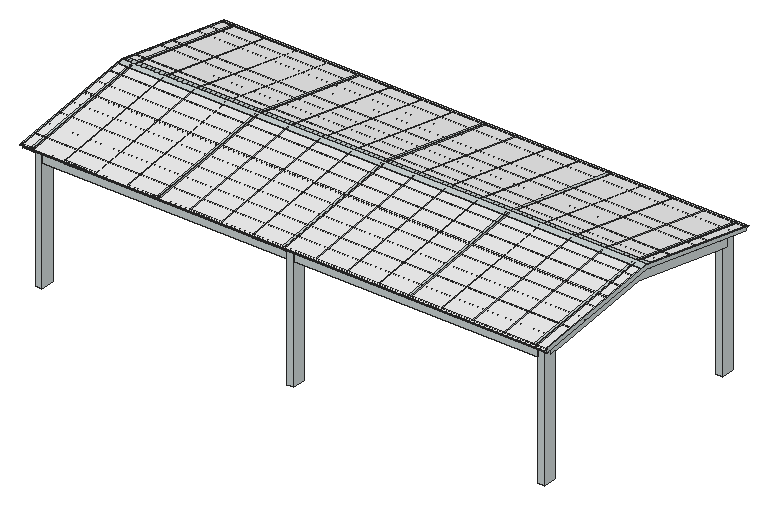
Revit family "Structures Unlimited Center Ridge Canopy", category Generic Models, Revit 2018 (continued)
Definition of nested family "Center Ridge Canopy Edge Cap"
  Dimensions and locks (in)
    locked: curve 1 to plane 4
    locked: plane 5 to curve 2 at 0
    locked: curve 2 to plane 8 at 0
    "Panel Offset": curve 4 to curve 5
    "Panel Offset": curve 6 to curve 3
    "Panel Depth": curve 8 to curve 2
    "Panel Depth": curve 1 to curve 7
    "Thickness": curve 9 to curve 1
    "Thickness": curve 7 to curve 10
    "Thickness": curve 2 to curve 12
    "Thickness": curve 11 to curve 8
    "Thickness": plane 6 to plane 13
    "Thickness": plane 10 to plane 7
    "Leg Length": plane 12 to plane 6
    "Leg Length": plane 11 to plane 7
    "Roof Pitch": angle plane 8 to curve 1
    "Roof Pitch": angle curve 2 to plane 8
    "Roof Pitch": angle plane 4 to curve 4
    "Roof Pitch": angle curve 3 to plane 5
    "Roof Pitch": angle plane 4 to curve 5
    "Roof Pitch": angle curve 6 to plane 5
    "Roof Pitch": angle plane 8 to curve 7
    "Roof Pitch": angle curve 8 to plane 8
    "Roof Pitch": angle plane 2 to curve 9
    "Roof Pitch": angle plane 2 to curve 10
    "Roof Pitch": angle curve 12 to plane 2
    "Roof Pitch": angle curve 11 to plane 2
    aligned and locked: level to plane 2
    aligned and locked: Extrusion 1 sketch curve to curve 5
    aligned and locked: curve 6 to Extrusion 1 sketch curve
    aligned and locked: Extrusion 1 sketch curve to curve 12
    aligned and locked: curve 9 to Extrusion 1 sketch curve
    aligned and locked: Extrusion 1 sketch curve to curve 10
    aligned and locked: Extrusion 1 sketch curve to curve 11
    aligned and locked: plane 10 to Extrusion 1
    aligned and locked: Extrusion 1 to plane 13
    aligned and locked: Extrusion 2 sketch curve to curve 5
    aligned and locked: curve 6 to Extrusion 2 sketch curve
    aligned and locked: Extrusion 2 sketch curve to curve 12
    aligned and locked: Extrusion 2 sketch curve to curve 11
    aligned and locked: curve 9 to Extrusion 2 sketch curve
    aligned and locked: Extrusion 2 sketch curve to curve 10
    aligned and locked: Extrusion 2 to plane 11
    aligned and locked: plane 12 to Extrusion 2
  Automatic sketch dimensions
    curve 5 to curve 4 = 0' - 0.03732"
    curve 8 to curve 4 = 4' - 10.24237"
    level to curve 10 = 0' - 9.1542"
    curve 7 to plane 8 = 3' - 2.52485"
    curve 9 to plane 8 = 3' - 5.33219"
    curve 6 to plane 5 = 0' - 8.67986"
    curve 12 to level = 2' - 1.56948"
    curve 2 to curve 11 = 1' - 5.20945"
Definition of nested family "Center Ridge Canopy Column"
  Parameters (values of type "Center Ridge Canopy Column")
    Width Of Canopy [instance] = 10' - 0"
    Void Width [instance] = Column Spacing - Beam Width  # 7' - 7"
    Void Offset [instance] = Column Spacing / 2  # 4' - 0"
    Roof Pitch [instance] = 10.00°
    Half Beam Width [instance] = Beam Width / 2  # 0' - 2 1/2"
    Half Beam Height [instance] = Beam Height / 2  # 0' - 7 1/2"
    Column Spacing [instance] = 8' - 0"
    Column Height [instance] = 8' - 0"
    CTR To CTR Of Beams [instance] = 200' - 0"
    CRF [instance] = none
    Beam Width [instance] = 0' - 5"
    Beam Height [instance] = 1' - 3"
  Reference planes (in)
    plane 1 "Center (Front/Back)": y = 0
    plane 2: z = 0
    plane 3 "Center (Left/Right)": x = 0
    plane 4: y = 2400
    plane 5: y = -2.5
    plane 6: y = 2402.5
    plane 7: x = 112.5
    plane 8: x = -7.5
    plane 9: x = 7.5
    plane 10: x = 97.5
    plane 11: z = 96
    plane 12: x = -2.5
    plane 13: x = 107.5
    plane 14: z = 85.26345
    plane 15: y = 144
    plane 16: y = 336
    plane 17: y = 528
    plane 18: y = 240
    plane 19: y = 48
    plane 20: y = 432
    plane 21: y = 624
    plane 22: y = 720
    plane 23: y = 816
    plane 24: y = 912
    plane 25: y = 1008
    plane 26: y = 1104
    plane 27: y = 1200
    plane 28: y = 1296
    plane 29: y = 1392
    plane 30: y = 1488
    plane 31: y = 1680
    plane 32: y = 1872
    plane 33: y = 1968
    plane 34: y = 1776
    plane 35: y = 1584
    plane 36: y = 2064
    plane 37: y = 2160
    plane 38: y = 2256
    plane 39: y = 2352
    plane 40: y = 2448
    plane 41: y = 2640
    plane 42: y = 2832
    plane 43: y = 3024
    plane 44: y = 2928
    plane 45: y = 2736
    plane 46: y = 2544
    plane 47: y = 3120
    plane 48: y = 3216
    plane 49: y = 3312
    plane 50: y = 3408
    plane 51: y = 3504
    plane 52: x = -750
    plane 53: x = 2000
    plane 54: z = 1200
  Forms (in)
    Extrusion 1, solid, material <- "CRF"
      sketch origin (0, 0, 0) x (1, 0, 0) y (0, 0, 1)
        loop
          line (-7.5, 0) -> (7.5, 0) -> (7.5, 83.41351) -> (-2.5, 81.65024) -> (-2.5, 96.88163) -> (-7.5, 96) -> (-7.5, 0)
      from 2.5 to -2402.5
    Extrusion 2, solid, material <- "CRF"
      sketch origin (0, 0, 0) x (1, 0, 0) y (0, 0, 1)
        loop
          line (97.5, 0) -> (112.5, 0) -> (112.5, 96) -> (107.5, 96.88163) -> (107.5, 81.65024) -> (97.5, 83.41351) -> (97.5, 0)
      from -2402.5 to 2.5
    Sweep 3, void
      path origin (0, 0, 0) x (1, 0, 0) y (0, 1, 0)
        loop
          line (-750, 3504) -> (2000, 3504) -> (2000, 3408) -> (-750, 3408) -> (-750, 3312) -> (2000, 3312) -> (2000, 3216) -> (-750, 3216) -> (-750, 3120) -> (2000, 3120) -> (2000, 3024) -> (-750, 3024) -> (-750, 2928) -> (2000, 2928) -> (2000, 2832) -> (-750, 2832) -> (-750, 2736) -> (2000, 2736) -> (2000, 2640) -> (-750, 2640) -> (-750, 2544) -> (2000, 2544) -> (2000, 2448) -> (-750, 2448) -> (-750, 2352) -> (2000, 2352) -> (2000, 2256) -> (-750, 2256) -> (-750, 2160) -> (2000, 2160) -> (2000, 2064) -> (-750, 2064) -> (-750, 1968) -> (2000, 1968) -> (2000, 1872) -> (-750, 1872) -> (-750, 1776) -> (2000, 1776) -> (2000, 1680) -> (-750, 1680) -> (-750, 1584) -> (2000, 1584) -> (2000, 1488) -> (-750, 1488) -> (-750, 1392) -> (2000, 1392) -> (2000, 1296) -> (-750, 1296) -> (-750, 1200) -> (2000, 1200) -> (2000, 1104) -> (-750, 1104) -> (-750, 1008) -> (2000, 1008) -> (2000, 912) -> (-750, 912) -> (-750, 816) -> (2000, 816) -> (2000, 720) -> (-750, 720) -> (-750, 624) -> (2000, 624) -> (2000, 528) -> (-750, 528) -> (-750, 432) -> (2000, 432) -> (2000, 336) -> (-750, 336) -> (-750, 240) -> (2000, 240) -> (2000, 144) -> (-750, 144) -> (-750, 48) -> (2000, 48)
      profile origin (625, 48, 0) x (0, 1, 0) y (0, 0, 1)
        loop
          line (-45.5, 0) -> (45.5, 0) -> (45.5, 1200) -> (-45.5, 1200) -> (-45.5, 0)
  Cuts and joins
    Sweep 3 cuts Extrusion 1
    Sweep 3 cuts Extrusion 2
  Lines and regions (in)
    reference lines
      curve 1: line (-7.5, 0, 96) -> (98.85924, 0, 114.754)
      curve 2: line (112.5, 0, 96) -> (-172.82159, 0, 146.3099)
      curve 3: line (-206.72936, 0, 137.05735) -> (70.98643, 0, 88.08856)
      curve 4: line (-138.7032, 0, 57.63394) -> (186.28336, 0, 114.93784)
  Dimensions and locks (in)
    "CTR To CTR Of Beams": plane 1 "Center (Front/Back)" to plane 4
    "Half Beam Width": plane 5 to plane 1 "Center (Front/Back)"
    "Half Beam Width": plane 6 to plane 4
    equal spacing: plane 8, plane 3 "Center (Left/Right)", plane 9
    "Beam Height": plane 8 to plane 9
    "Width Of Canopy": plane 8 to plane 7
    "Beam Height": plane 10 to plane 7
    "Column Height": plane 11 to plane 2
    locked: curve 1 to plane 11
    locked: plane 11 to curve 2 at 0
    locked: plane 8 to curve 1 at 0
    locked: plane 7 to curve 2
    "Beam Height": curve 4 to curve 1
    "Beam Height": curve 3 to curve 2
    "Beam Width": plane 12 to plane 8
    "Beam Width": plane 13 to plane 7
    "Void Offset": plane 1 "Center (Front/Back)" to plane 19
    "Column Spacing": plane 17 to plane 20 to plane 16 to plane 18 to plane 15 to plane 19
    "Column Spacing": plane 30 to plane 29 to plane 28 to plane 27 to plane 26 to plane 25 to plane 24 to plane 23 to plane 22 to plane 21 to plane 17
    "Column Spacing": plane 30 to plane 35 to plane 31 to plane 34 to plane 32 to plane 33 to plane 36 to plane 37 to plane 38 to plane 39 to plane 40 to plane 46 to plane 41 to plane 45 to plane 42 to plane 44 to plane 43
    "Column Spacing": plane 51 to plane 50 to plane 49 to plane 48 to plane 47 to plane 43
    locked: plane 3 "Center (Left/Right)" to plane 53 at 2000
    locked: plane 52 to plane 3 "Center (Left/Right)" at 750
    locked: plane 54 to plane 2 at 1200
    equal spacing: Sweep 3 sketch curve, profile plane, Sweep 3 sketch curve
    "Void Width": Sweep 3 sketch curve to Sweep 3 sketch curve
    "Roof Pitch": angle plane 2 to curve 1
    "Roof Pitch": angle curve 2 to plane 2
    "Roof Pitch": angle plane 2 to curve 4
    "Roof Pitch": angle curve 3 to plane 2
    aligned and locked: plane 2 to level
    aligned and locked: Extrusion 1 sketch curve to plane 2
    aligned and locked: Extrusion 1 sketch curve to plane 9
    aligned and locked: Extrusion 1 sketch curve to plane 8
    aligned and locked: curve 4 to Extrusion 1 sketch curve
    aligned and locked: plane 2 to Extrusion 2 sketch curve
    aligned and locked: Extrusion 2 sketch curve to plane 7
    aligned and locked: Extrusion 2 sketch curve to plane 10
    aligned and locked: curve 3 to Extrusion 2 sketch curve
    aligned and locked: Extrusion 1 to plane 5
    aligned and locked: plane 5 to Extrusion 2
    aligned and locked: plane 6 to Extrusion 1
    aligned and locked: plane 6 to Extrusion 2
    aligned and locked: Extrusion 1 sketch curve to curve 1
    aligned and locked: Extrusion 1 sketch curve to plane 12
    aligned and locked: Extrusion 2 sketch curve to curve 2
    aligned and locked: Extrusion 2 sketch curve to plane 13
    aligned and locked: Sweep 3 sketch curve to plane 19
    aligned and locked: Sweep 3 sketch curve to plane 15
    aligned and locked: Sweep 3 sketch curve to plane 18
    aligned and locked: Sweep 3 sketch curve to plane 16
    aligned and locked: Sweep 3 sketch curve to plane 20
    aligned and locked: Sweep 3 sketch curve to plane 17
    aligned and locked: Sweep 3 sketch curve to plane 21
    aligned and locked: Sweep 3 sketch curve to plane 22
    aligned and locked: Sweep 3 sketch curve to plane 23
    aligned and locked: Sweep 3 sketch curve to plane 24
    aligned and locked: Sweep 3 sketch curve to plane 25
    aligned and locked: Sweep 3 sketch curve to plane 26
    aligned and locked: Sweep 3 sketch curve to plane 27
    aligned and locked: Sweep 3 sketch curve to plane 28
    aligned and locked: Sweep 3 sketch curve to plane 29
    aligned and locked: Sweep 3 sketch curve to plane 30
    aligned and locked: Sweep 3 sketch curve to plane 35
    aligned and locked: Sweep 3 sketch curve to plane 31
    aligned and locked: Sweep 3 sketch curve to plane 34
    aligned and locked: Sweep 3 sketch curve to plane 32
    aligned and locked: Sweep 3 sketch curve to plane 33
    aligned and locked: Sweep 3 sketch curve to plane 36
    aligned and locked: Sweep 3 sketch curve to plane 37
    aligned and locked: Sweep 3 sketch curve to plane 38
    aligned and locked: Sweep 3 sketch curve to plane 39
    aligned and locked: Sweep 3 sketch curve to plane 40
    aligned and locked: Sweep 3 sketch curve to plane 46
    aligned and locked: Sweep 3 sketch curve to plane 41
    aligned and locked: Sweep 3 sketch curve to plane 45
    aligned and locked: Sweep 3 sketch curve to plane 42
    aligned and locked: Sweep 3 sketch curve to plane 44
    aligned and locked: Sweep 3 sketch curve to plane 43
    aligned and locked: Sweep 3 sketch curve to plane 47
    aligned and locked: Sweep 3 sketch curve to plane 48
    aligned and locked: Sweep 3 sketch curve to plane 49
    aligned and locked: Sweep 3 sketch curve to plane 50
    aligned and locked: Sweep 3 sketch curve to plane 51
    aligned and locked: plane 53 to Sweep 3 sketch curve  (x19)
    aligned and locked: Sweep 3 sketch curve to plane 52  (x18)
    aligned and locked: plane 52 to Sweep 3 sketch curve
    aligned and locked: Sweep 3 sketch curve to profile plane
    aligned and locked: plane 54 to Sweep 3 sketch curve
  Automatic sketch dimensions
    plane 10 to curve 3 = 2' - 2.51357"
    plane 11 to curve 4 = 1' - 6.93784"
Definition of nested family "Center Ridge Canopy Rafter"
  Parameters (values of type "Center Ridge Canopy Rafter")
    Width Of Canopy [instance] = 10' - 0"
    Void Width [instance] = Column Spacing - Beam Width  # 7' - 7"
    Void Offset [instance] = Column Spacing / 2  # 4' - 0"
    Roof Pitch [instance] = 10.00°
    Half Beam Width [instance] = Beam Width / 2  # 0' - 2 1/2"
    Half Beam Height [instance] = Beam Height / 2  # 0' - 7 1/2"
    Column Spacing [instance] = 8' - 0"
    Column Height [instance] = 8' - 0"
    CTR To CTR Of Beams [instance] = 200' - 0"
    CRF [instance] = none
    Beam Width [instance] = 0' - 5"
    Beam Height [instance] = 1' - 3"
  Reference planes (in)
    plane 1 "Center (Front/Back)": y = 0
    plane 2: z = 0
    plane 3 "Center (Left/Right)": x = 0
    plane 4: y = 2400
    plane 5: y = -2.5
    plane 6: y = 2402.5
    plane 7: x = 112.5
    plane 8: x = -7.5
    plane 9: z = 96
    plane 10: x = -2.5
    plane 11: x = 107.5
    plane 12: z = 85.26345
    plane 13: y = 144
    plane 14: y = 336
    plane 15: y = 528
    plane 16: y = 240
    plane 17: y = 48
    plane 18: y = 432
    plane 19: y = 624
    plane 20: y = 720
    plane 21: y = 816
    plane 22: y = 912
    plane 23: y = 1008
    plane 24: y = 1104
    plane 25: y = 1200
    plane 26: y = 1296
    plane 27: y = 1392
    plane 28: y = 1488
    plane 29: y = 1680
    plane 30: y = 1872
    plane 31: y = 1968
    plane 32: y = 1776
    plane 33: y = 1584
    plane 34: y = 2064
    plane 35: y = 2160
    plane 36: y = 2256
    plane 37: y = 2352
    plane 38: y = 2448
    plane 39: y = 2640
    plane 40: y = 2832
    plane 41: y = 3024
    plane 42: y = 2928
    plane 43: y = 2736
    plane 44: y = 2544
    plane 45: y = 3120
    plane 46: y = 3216
    plane 47: y = 3312
    plane 48: y = 3408
    plane 49: y = 3504
    plane 50: x = -750
    plane 51: x = 2000
    plane 52: z = 1200
  Forms (in)
    Sweep 1, void
      path origin (0, 0, 0) x (1, 0, 0) y (0, 1, 0)
        loop
          line (-750, 3504) -> (2000, 3504) -> (2000, 3408) -> (-750, 3408) -> (-750, 3312) -> (2000, 3312) -> (2000, 3216) -> (-750, 3216) -> (-750, 3120) -> (2000, 3120) -> (2000, 3024) -> (-750, 3024) -> (-750, 2928) -> (2000, 2928) -> (2000, 2832) -> (-750, 2832) -> (-750, 2736) -> (2000, 2736) -> (2000, 2640) -> (-750, 2640) -> (-750, 2544) -> (2000, 2544) -> (2000, 2448) -> (-750, 2448) -> (-750, 2352) -> (2000, 2352) -> (2000, 2256) -> (-750, 2256) -> (-750, 2160) -> (2000, 2160) -> (2000, 2064) -> (-750, 2064) -> (-750, 1968) -> (2000, 1968) -> (2000, 1872) -> (-750, 1872) -> (-750, 1776) -> (2000, 1776) -> (2000, 1680) -> (-750, 1680) -> (-750, 1584) -> (2000, 1584) -> (2000, 1488) -> (-750, 1488) -> (-750, 1392) -> (2000, 1392) -> (2000, 1296) -> (-750, 1296) -> (-750, 1200) -> (2000, 1200) -> (2000, 1104) -> (-750, 1104) -> (-750, 1008) -> (2000, 1008) -> (2000, 912) -> (-750, 912) -> (-750, 816) -> (2000, 816) -> (2000, 720) -> (-750, 720) -> (-750, 624) -> (2000, 624) -> (2000, 528) -> (-750, 528) -> (-750, 432) -> (2000, 432) -> (2000, 336) -> (-750, 336) -> (-750, 240) -> (2000, 240) -> (2000, 144) -> (-750, 144) -> (-750, 48) -> (2000, 48)
      profile origin (625, 48, 0) x (0, 1, 0) y (0, 0, 1)
        loop
          line (-45.5, 0) -> (45.5, 0) -> (45.5, 1200) -> (-45.5, 1200) -> (-45.5, 0)
    Extrusion 2, solid, material <- "CRF"
      sketch origin (0, 0, 0) x (1, 0, 0) y (0, 0, 1)
        loop
          line (-2.5, 81.65024) -> (52.5, 91.34822) -> (107.5, 81.65024) -> (107.5, 96.88163) -> (52.5, 106.57962) -> (-2.5, 96.88163) -> (-2.5, 81.65024)
      from -2402.5 to 2.5
  Cuts and joins
    Sweep 1 cuts Extrusion 2
  Lines and regions (in)
    reference lines
      curve 1: line (-7.5, 0, 96) -> (98.85924, 0, 114.754)
      curve 2: line (112.5, 0, 96) -> (-172.82159, 0, 146.3099)
      curve 3: line (-206.72936, 0, 137.05735) -> (70.98643, 0, 88.08856)
      curve 4: line (-138.7032, 0, 57.63394) -> (186.28336, 0, 114.93784)
  Dimensions and locks (in)
    "CTR To CTR Of Beams": plane 1 "Center (Front/Back)" to plane 4
    "Half Beam Width": plane 5 to plane 1 "Center (Front/Back)"
    "Half Beam Width": plane 6 to plane 4
    plane 8 to plane 3 "Center (Left/Right)" = 0' - 7 1/2"
    "Width Of Canopy": plane 8 to plane 7
    "Column Height": plane 9 to plane 2
    locked: curve 1 to plane 9
    locked: plane 9 to curve 2 at 0
    locked: plane 8 to curve 1 at 0
    locked: plane 7 to curve 2
    "Beam Height": curve 4 to curve 1
    "Beam Height": curve 3 to curve 2
    "Beam Width": plane 10 to plane 8
    "Beam Width": plane 11 to plane 7
    "Void Offset": plane 1 "Center (Front/Back)" to plane 17
    "Column Spacing": plane 15 to plane 18 to plane 14 to plane 16 to plane 13 to plane 17
    "Column Spacing": plane 28 to plane 27 to plane 26 to plane 25 to plane 24 to plane 23 to plane 22 to plane 21 to plane 20 to plane 19 to plane 15
    "Column Spacing": plane 28 to plane 33 to plane 29 to plane 32 to plane 30 to plane 31 to plane 34 to plane 35 to plane 36 to plane 37 to plane 38 to plane 44 to plane 39 to plane 43 to plane 40 to plane 42 to plane 41
    "Column Spacing": plane 49 to plane 48 to plane 47 to plane 46 to plane 45 to plane 41
    locked: plane 3 "Center (Left/Right)" to plane 51 at 2000
    locked: plane 50 to plane 3 "Center (Left/Right)" at 750
    locked: plane 52 to plane 2 at 1200
    equal spacing: Sweep 1 sketch curve, profile plane, Sweep 1 sketch curve
    "Void Width": Sweep 1 sketch curve to Sweep 1 sketch curve
    "Half Beam Height": plane 3 "Center (Left/Right)" to plane 8
    "Roof Pitch": angle plane 2 to curve 1
    "Roof Pitch": angle curve 2 to plane 2
    "Roof Pitch": angle plane 2 to curve 4
    "Roof Pitch": angle curve 3 to plane 2
    aligned and locked: plane 2 to level
    aligned and locked: Sweep 1 sketch curve to plane 17
    aligned and locked: Sweep 1 sketch curve to plane 13
    aligned and locked: Sweep 1 sketch curve to plane 16
    aligned and locked: Sweep 1 sketch curve to plane 14
    aligned and locked: Sweep 1 sketch curve to plane 18
    aligned and locked: Sweep 1 sketch curve to plane 15
    aligned and locked: Sweep 1 sketch curve to plane 19
    aligned and locked: Sweep 1 sketch curve to plane 20
    aligned and locked: Sweep 1 sketch curve to plane 21
    aligned and locked: Sweep 1 sketch curve to plane 22
    aligned and locked: Sweep 1 sketch curve to plane 23
    aligned and locked: Sweep 1 sketch curve to plane 24
    aligned and locked: Sweep 1 sketch curve to plane 25
    aligned and locked: Sweep 1 sketch curve to plane 26
    aligned and locked: Sweep 1 sketch curve to plane 27
    aligned and locked: Sweep 1 sketch curve to plane 28
    aligned and locked: Sweep 1 sketch curve to plane 33
    aligned and locked: Sweep 1 sketch curve to plane 29
    aligned and locked: Sweep 1 sketch curve to plane 32
    aligned and locked: Sweep 1 sketch curve to plane 30
    aligned and locked: Sweep 1 sketch curve to plane 31
    aligned and locked: Sweep 1 sketch curve to plane 34
    aligned and locked: Sweep 1 sketch curve to plane 35
    aligned and locked: Sweep 1 sketch curve to plane 36
    aligned and locked: Sweep 1 sketch curve to plane 37
    aligned and locked: Sweep 1 sketch curve to plane 38
    aligned and locked: Sweep 1 sketch curve to plane 44
    aligned and locked: Sweep 1 sketch curve to plane 39
    aligned and locked: Sweep 1 sketch curve to plane 43
    aligned and locked: Sweep 1 sketch curve to plane 40
    aligned and locked: Sweep 1 sketch curve to plane 42
    aligned and locked: Sweep 1 sketch curve to plane 41
    aligned and locked: Sweep 1 sketch curve to plane 45
    aligned and locked: Sweep 1 sketch curve to plane 46
    aligned and locked: Sweep 1 sketch curve to plane 47
    aligned and locked: Sweep 1 sketch curve to plane 48
    aligned and locked: Sweep 1 sketch curve to plane 49
    aligned and locked: plane 51 to Sweep 1 sketch curve  (x19)
    aligned and locked: Sweep 1 sketch curve to plane 50  (x18)
    aligned and locked: plane 50 to Sweep 1 sketch curve
    aligned and locked: Sweep 1 sketch curve to profile plane
    aligned and locked: plane 52 to Sweep 1 sketch curve
    aligned and locked: curve 4 to Extrusion 2 sketch curve
    aligned and locked: curve 3 to Extrusion 2 sketch curve
    aligned and locked: Extrusion 2 sketch curve to plane 10
    aligned and locked: Extrusion 2 sketch curve to plane 11
    aligned and locked: curve 2 to Extrusion 2 sketch curve
    aligned and locked: curve 1 to Extrusion 2 sketch curve
    aligned and locked: Extrusion 2 to plane 5
    aligned and locked: plane 6 to Extrusion 2
  Automatic sketch dimensions
    plane 9 to curve 4 = 1' - 6.93784"
    plane 9 to curve 3 = 3' - 5.05735"
Types (13): name | KCRF
  KCRF Aluminum #79 | KCRF Aluminum #79
  KCRF Banner Red #90 | KCRF Banner Red #90
  KCRF Black #95 | KCRF Black #95
  KCRF Blue #15 | KCRF Blue #15
  KCRF Bone White #21B | KCRF Bone White #21B
  KCRF Brick #88 | KCRF Brick #88
  KCRF Bronze #85 | KCRF Bronze #85
  KCRF Coro Blue #48 | KCRF Coro Blue #48
  KCRF Gray #80 | KCRF Gray #80
  KCRF Hartford Green #75 | KCRF Hartford Green #75
  KCRF Minuette #03 | KCRF Minuette #03
  KCRF Mountain Green #70 | KCRF Mountain Green #70
  KCRF White #00 | KCRF White #00
